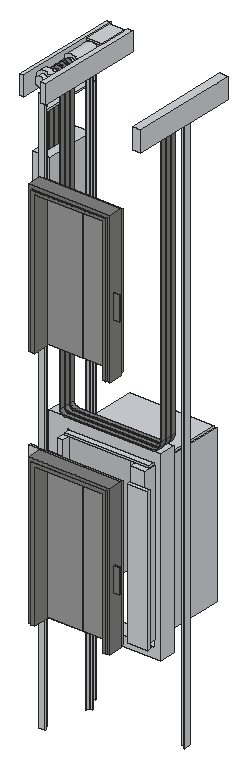
Revit family "1.8X1.6 ELEVATOR", category Specialty Equipment, host Wall, Revit 2023
Family settings
  Host = Wall
  Round Connector Dimension = Use Diameter
  Part Type = Normal
  Enable Cutting in Views = No
  Always vertical = Yes
  Cut with Voids When Loaded = No
  Maintain Annotation Orientation = No
  Shared = No
  Room Calculation Point = No
Parameters (values of type "13 person")
  Manufacturer = "Revit"
  Keynote = "Tr.01"
  Default Elevation = 0.00 m
  Assembly Code = "D1010"
Reference planes (m)
  plane 1: y = 0
  plane 2 "Center (Left/Right)": x = 0.425
  plane 3 "Back": y = 0.1
  plane 4: x = -0.075004
  plane 5: x = 0.925
  plane 6: z = 7.4
  plane 7: x = -0.474998
  plane 8: x = 1.325
  plane 9: y = 1.7
  plane 10: x = -0.075004
  plane 11: x = 1.090031
  plane 12: y = -0.070421
  plane 13: x = 1.174826
  plane 14: x = 1.025
  plane 15: x = -0.174998
  plane 16: z = 2.2
  plane 17: z = 3.6
  plane 18: z = -1.6
  plane 19: z = 5.8
Forms (m)
  Extrusion 1, solid, material "-lift doors"
    sketch origin (0, -0.24, 0) x (1, 0, 0) y (0, 1, 0)
      loop
        line (0.425, 0.42) -> (0.425, 0.387658) -> (0.991174, 0.387658) -> (0.991174, 0.42) -> (0.425, 0.42)
      loop
        line (0.423017, 0.42) -> (-0.133342, 0.42) -> (-0.133342, 0.387658) -> (0.423017, 0.387658) -> (0.423017, 0.42)
    from 0 to 2.16
  Sweep 2, solid, material "-Stainless"
    path origin (-5.108944, 0.1, 0) x (-1, 0, 0) y (0, 0, 1)
      loop
        line (-4.933946, 0) -> (-4.933946, 2.2) -> (-6.133944, 2.2) -> (-6.133944, 0)
    profile origin (0.425001, 0.1, 2.2) x (0, 0, -1) y (0, 1, 0)
      loop
        line (0, -0.2) -> (0.05, -0.2) -> (0.05, -0.215) -> (0.1, -0.215) -> (0.1, 0.01) -> (0.05, 0.01) -> (0.05, 0) -> (0, 0) -> (0, -0.2)
  Extrusion 3, solid, material "-Stainless"
    sketch origin (-5, -0.1, 0) x (1, 0, 0) y (0, 0, 1)
      loop
        line (6.090031, 1.210581) -> (6.090031, 0.854424) -> (6.174826, 0.854424) -> (6.174826, 1.210581) -> (6.090031, 1.210581)
    from 0 to 0.013261
  Sweep 4, solid, material "-Lift belt"
    path origin (-5.108944, 0.1, 3.6) x (-1, 0, 0) y (0, 0, 1)
      loop
        line (-4.933946, 0) -> (-4.933946, 2.2) -> (-6.133944, 2.2) -> (-6.133944, 0)
    profile origin (0.425001, 0.1, 5.8) x (0, 0, -1) y (0, 1, 0)
      loop
        line (0, -0.2) -> (0.049995, -0.2) -> (0.049995, -0.215) -> (0.099995, -0.215) -> (0.099995, 0.01) -> (0.049995, 0.01) -> (0.049995, 0) -> (0, 0) -> (0, -0.2)
  Extrusion 5, solid, material "-Lift belt"
    sketch origin (-5, -0.1, 3.6) x (1, 0, 0) y (0, 0, 1)
      loop
        line (6.090031, 1.210581) -> (6.090031, 0.854424) -> (6.174826, 0.854424) -> (6.174826, 1.210581) -> (6.090031, 1.210581)
    from 0 to 0.013261
  Extrusion 6, solid
    sketch origin (0, 0, 2.3) x (1, 0, 0) y (0, 1, 0)
      loop
        line (-0.058513, 1.614822) -> (-0.058513, 0.414822) -> (1.181273, 0.414822) -> (1.181273, 1.614822) -> (-0.058513, 1.614822)
    from 0 to 0.025
  Extrusion 7, solid, detail levels medium+fine
    sketch origin (0.27296, 0.756206, 0) x (0, 1, 0) y (-1, 0, 0)
      loop
        line (0.382097, 0.541664) -> (0.436097, 0.541664) -> (0.43839, 0.497954) -> (0.452097, 0.497954) -> (0.452097, 0.591922) -> (0.438103, 0.591922) -> (0.436183, 0.554159) -> (0.382097, 0.554159) -> (0.382097, 0.541664)
      loop
        line (-0.412387, 0.541664) -> (-0.412387, 0.554159) -> (-0.466473, 0.554159) -> (-0.468393, 0.591922) -> (-0.482387, 0.591922) -> (-0.482387, 0.502954) -> (-0.468416, 0.502954) -> (-0.466387, 0.541664) -> (-0.412387, 0.541664)
    from -1.6 to 6.786783
  Extrusion 8, solid
    sketch origin (0.340002, -0.2, 0) x (1, 0, 0) y (0, 1, 0)
      loop
        line (-0.815092, 1.331463) -> (-0.815092, 0.556463) -> (-0.569996, 0.556463) -> (-0.569996, 1.331463) -> (-0.815092, 1.331463)
    from 3.7652 to 5.926021
  Extrusion 9, solid
    sketch origin (-0.215831, 0.811894, 0) x (1, 0, 0) y (0, 0, -1)
      loop
        circle (-0.064164, -6.952668) r 0.12
    from 0.011135 to 0.376859
  Extrusion 10, solid
    sketch origin (-0.818595, 1.250021, 0) x (1, 0, 0) y (0, 0, -1)
      loop
        circle (0.536998, -6.950222) r 0.05
    from -0.796486 to -0.466268
  Extrusion 11, solid
    sketch origin (-0.215831, 0.807948, 0.00625) x (1, 0, 0) y (0, 0, -1)
      loop
        circle (-0.064164, -6.946009) r 0.075
    from -0.024195 to 0.015081
  Extrusion 12, solid
    sketch origin (-0.215831, 0.423837, 0.00625) x (1, 0, 0) y (0, 0, 1)
      loop
        circle (-0.064164, 6.946009) r 0.075
    from -0.024195 to 0.015081
  Extrusion 13, solid
    sketch origin (-0.215831, 0.41315, 0) x (1, 0, 0) y (0, 0, 1)
      loop
        circle (-0.064164, 6.952668) r 0.12
    from 0.004394 to 0.095118
  Extrusion 14, solid
    sketch origin (-0.215831, 0.293837, 0.00625) x (1, 0, 0) y (0, 0, 1)
      loop
        circle (-0.064164, 6.946009) r 0.075
    from -0.024195 to 0.045081
  Sweep 15, solid, material "-Lift belt"
    path origin (-0.215831, 1.203834, 0.07) x (1, 0, 0) y (0, 0, -1)
      loop
        line (1.509435, -6.865572) -> (1.509435, -2.565572)
        arc (1.509435, -2.565572) -> (1.462931, -2.4533) -> (1.350659, -2.406795) r 0.158777
        line (1.350659, -2.406795) -> (0.096538, -2.406795)
        arc (0.096538, -2.406795) -> (0.036364, -2.422919) -> (0.010036, -2.479379) r 0.073704
        line (0.010036, -2.479379) -> (0.010036, -6.879379)
        arc (0.010036, -6.879379) -> (-0.064964, -6.954379) -> (-0.139964, -6.879379) r 0.075
        line (-0.139964, -6.879379) -> (-0.139964, -5.856021)
    profile origin (-0.355795, 1.203834, 6.4377) x (0, 1, 0) y (-1, 0, 0)
      loop
        line (-0.443003, 0) -> (-0.443003, 0.01) -> (-0.503003, 0.01) -> (-0.503003, 0) -> (-0.443003, 0)
      loop
        line (-0.538003, 0) -> (-0.538003, 0.01) -> (-0.598003, 0.01) -> (-0.598003, 0) -> (-0.538003, 0)
      loop
        line (-0.633003, 0) -> (-0.633003, 0.01) -> (-0.693003, 0.01) -> (-0.693003, 0) -> (-0.633003, 0)
  Extrusion 16, solid
    sketch origin (-0.364184, 1.131463, 0) x (1, 0, 0) y (0, 0, -1)
      loop
        line (0.285491, -7.068984) -> (0.285491, -6.788984) -> (0.205491, -6.788984) -> (0.205491, -7.068984) -> (0.285491, -7.068984)
      loop
        line (-0.034759, -7.068984) -> (-0.034759, -6.788984) -> (-0.098955, -6.788984) -> (-0.098955, -7.068984) -> (-0.034759, -7.068984)
    from -1.031463 to 0.568537
  Extrusion 17, solid
    sketch origin (-0.364184, 1.7, 0) x (1, 0, 0) y (0, 0, -1)
      loop
        line (0.205491, -7.068984) -> (0.205491, -7.0485) -> (-0.022779, -7.0485) -> (-0.022779, -7.068984) -> (0.205491, -7.068984)
    from -0.468445 to -0.047655
  Extrusion 18, solid
    sketch origin (-0.364184, 1.7, 0) x (1, 0, 0) y (0, 0, -1)
      loop
        line (0.139189, -6.756957) -> (0.139189, -6.740072) -> (0.045222, -6.740072) -> (0.045222, -6.756957) -> (0.139189, -6.756957)
      loop
        line (0.139189, -6.585039) -> (0.139189, -6.569689) -> (0.045222, -6.569689) -> (0.045222, -6.585039) -> (0.139189, -6.585039)
    from -1.410267 to -0.505404
  Extrusion 19, solid
    sketch origin (-0.834184, 1.7, 0) x (1, 0, 0) y (0, 0, -1)
      loop
        line (2.154426, -6.955382) -> (2.154426, -6.64462) -> (2.037789, -6.64462) -> (2.037789, -6.955382) -> (2.154426, -6.955382)
    from -1.6 to 0
  Extrusion 20, solid
    sketch origin (0.074829, -0.155179, 0) x (1, 0, 0) y (0, 1, 0)
      loop
        line (-0.153523, 1.800001) -> (-0.153523, 0.470001) -> (-0.071886, 0.470001) -> (-0.071886, 0.570001) -> (-0.133342, 0.570001) -> (-0.133342, 1.770001) -> (1.106444, 1.770001) -> (1.106444, 0.570001) -> (0.925, 0.570001) -> (0.925, 0.470001) -> (1.128775, 0.470001) -> (1.128775, 1.800001) -> (-0.153523, 1.800001)
    from 0 to 2.3
  Extrusion 21, solid
    sketch origin (0.074829, -0.13018, 0) x (1, 0, 0) y (0, 1, 0)
      loop
        line (0.925, 0.42) -> (0.925, 0.387658) -> (1.225592, 0.387658) -> (1.225592, 0.42) -> (0.925, 0.42)
      loop
        line (-0.071886, 0.42) -> (-0.526541, 0.42) -> (-0.526541, 0.387658) -> (-0.071886, 0.387658) -> (-0.071886, 0.42)
    from 0 to 2.1
  Extrusion 22, solid, material "-lift doors"
    sketch origin (0.000002, -0.24, 3.6) x (1, 0, 0) y (0, 1, 0)
      loop
        line (0.425, 0.42) -> (0.425, 0.387658) -> (0.991174, 0.387658) -> (0.991174, 0.42) -> (0.425, 0.42)
      loop
        line (0.423017, 0.42) -> (-0.133342, 0.42) -> (-0.133342, 0.387658) -> (0.423017, 0.387658) -> (0.423017, 0.42)
    from 0 to 2.16
  Extrusion 23, solid, detail levels medium+fine
    sketch origin (-0.046732, 0.067782, 0) x (1, 0, 0) y (0, 1, 0)
      loop
        line (1.263603, 0.9187) -> (1.317603, 0.9187) -> (1.319895, 0.874991) -> (1.333603, 0.874991) -> (1.333603, 0.974271) -> (1.319879, 0.974271) -> (1.317689, 0.931196) -> (1.263603, 0.931196) -> (1.263603, 0.9187)
      loop
        line (-0.055092, 0.931196) -> (-0.09938, 0.931196) -> (-0.101571, 0.974271) -> (-0.115294, 0.974271) -> (-0.115294, 0.874906) -> (-0.101591, 0.874906) -> (-0.099294, 0.9187) -> (-0.055092, 0.9187) -> (-0.055092, 0.931196)
    from -1.6 to 6.786783
  Extrusion 24, solid
    sketch origin (-0.750918, 1.131463, 0) x (1, 0, 0) y (0, 0, -1)
      loop
        line (1.954523, -2.325) -> (1.954523, 0.110871) -> (0.672224, 0.110871) -> (0.672224, -2.325) -> (1.954523, -2.325)
      loop
        line (0.385123, -2.476795) -> (2.029523, -2.476795) -> (2.029523, 0.260871) -> (0.385123, 0.260871) -> (0.385123, -2.476795)
    from -0.620631 to -0.370631
Lines and regions (m)
  Opening 1
    outline origin (-5, -0.1, 0) x (1, 0, 0) y (0, 0, 1)
      loop
        line (6.025, 0) -> (6.025, 2.2) -> (4.825002, 2.2) -> (4.825002, 0) -> (6.025, 0)
  Opening 2
    outline origin (-5, 0.1, 0) x (-1, 0, 0) y (0, 0, 1)
      loop
        line (-6.025, 3.6) -> (-4.825002, 3.6) -> (-4.825002, 5.8) -> (-6.025, 5.8) -> (-6.025, 3.6)
  symbolic lines
    curve 1: line (-0.474998, 1.7, 0) -> (1.325, 1.7, 0)
    curve 2: line (-0.474998, 0.1, 0) -> (-0.474998, 1.7, 0)
    curve 3: line (1.325, 0.1, 0) -> (-0.474998, 0.1, 0)
    curve 4: line (1.325, 1.7, 0) -> (1.325, 0.1, 0)
  symbolic lines, style "SpecialityEquipmentHiddenLines"
    curve 5: line (-0.058513, 1.614822, 0) -> (1.181273, 0.414822, 0)
    curve 6: line (1.181273, 1.614822, 0) -> (-0.058513, 0.414822, 0)
Text (m)
  text "Placement side" at (-4.450341, 0.642511, 0), in view "Ref. Level"
  text "Placement side" at (0, 1.605175, 2.923955), in view "Left"
  text "Placement side" at (0, 0.595982, 3.004978), in view "Right"
Dimensions and locks (m)
  locked: plane 3 "Back" to host wall
  level to plane 6 = 7.40 m
  plane 3 "Back" to plane 9 = 1.60 m
  plane 7 to plane 2 "Center (Left/Right)" to plane 8 = 0.899998 m, 0.90 m
  plane 7 to plane 8 = 1.799998 m
  plane 6 to host face = 7.40 m
  Extrusion 6 sketch curve to Extrusion 6 sketch curve = 1.239786 m
  host face to Extrusion 6 = 2.30 m
  plane 18 to level = 1.60 m
  level to plane 17 = 3.60 m
  plane 17 to plane 6 = 3.80 m
  curve 2 to plane 15 to plane 2 "Center (Left/Right)" to plane 14 to curve 4 = 0.30 m, 0.599998 m, 0.60 m, 0.30 m
  plane 14 to plane 15 = 1.199998 m
  plane 19 to plane 17 = 2.20 m
  Extrusion 20 to Extrusion 20 to Extrusion 20 to Extrusion 20 = 0.10 m, 1.20 m, 0.03 m
  aligned and locked: plane 1 to host wall
  aligned and locked: Opening 1 sketch curve to plane 15
  aligned and locked: Opening 1 sketch curve to plane 14
